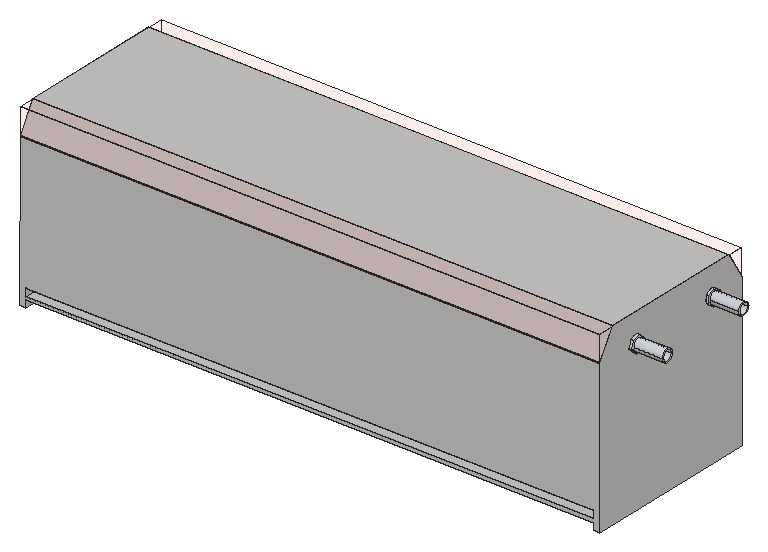
Revit family "Air-Curtain_Climate-Control_PoweredAire_ECE-HW", category Mechanical Equipment, host Face, Revit 2023
Family settings
  Host = Face
  Round Connector Dimension = Use Diameter
  Part Type = Normal
  OmniClass Number = 23.75.35.17.21
  OmniClass Title = Air Curtains
  Cut with Voids When Loaded = No
  Maintain Annotation Orientation = No
  Shared = No
  Room Calculation Point = No
Parameters
  upperrotation [instance] = if(Upper Pipe Connection Side A, 0.00°, 180.00°)  # 0.00°
  lowerrotation [instance] = if(Lower Pipe Connection Side A, 0.00°, 180.00°)  # 0.00°
  locateupperpipe [instance] = if(Upper Pipe Connection Side A, 0' 0", Nozzle Width)  # 0' - 0"
  locatelowerpipe [instance] = if(Lower Pipe Connection Side A, 0' 0", Nozzle Width)  # 0' - 0"
  Upper Pipe Connection Side A [instance] = yes
  Unit Width Notes = "Other Widths available."  # constant formula
  Unit Width = 4' - 1"
  Unit Weight = 0
  Unit Height = 1' - 3"
  Unit Depth [instance] = if(Include Filters, 2' 1 7/8", 1' 11 3/4")  # 1' - 11 3/4"
  Unit  Depth [instance] = 1' - 3"
  URL = "http://www.poweredaire.com/"
  Specification = ""
  Projection from Host [instance] = 0' - 0"
  Product Page URL = "https://www.arcat.com/company/powered-aire-inc-47623"
  Power Rating = 0 W
  Piping_Water Flow [instance] = 0 GPM
  Piping_Operating Pressure [instance] = 0.00 psi
  Piping_Exit Temperature [instance] = 0 °F
  Piping_Entry Temperature [instance] = 0 °F
  Pipe OD [instance] = 5/8"
  Nozzle Width = if(1 = 1, Unit Width - 0' 3", 0' 0")  # 3' - 10"
  Mounting Width = if(1 = 1, Unit Width - 0' 1 1/2", 0' 0")  # 3' - 11 1/2"
  Mounting Height [instance] = 3' - 6"
  Motor RPM = 0
  Motor HP = 0
  Motor Count = 0
  Model = "ECE HW"
  Max Height = 0' - 0"
  Manufacturer = "Powered Aire, Inc"
  Lower Pipe Connection Side A [instance] = yes
  Keynote = "23 34 33"
  Include Filters [instance] = no
  Include Clearance [instance] = yes
  Heating Element Load = 0 W
  HVAC_Temperature Rise [instance] = 0 °F
  HVAC_Outlet Volume [instance] = 0 CFM
  HVAC_Outlet Velocity Uniformity = 0
  HVAC_Outlet Velocity [instance] = 0 FPM
  HVAC_BTU Input = 0.0 Btu/h
  Front Grating Material [instance] = Metal - Steel - PoweredAire - Stainless 304 Perforated
  Frame Finish [instance] = Metal - Steel - PoweredAire - Stainless 304
  Electrical_Wattage [instance] = Power Rating + Heating Element Load  # 0 W
  Electrical_Voltage [instance] = 0 V
  Electrical_Phase [instance] = 1
  Electrical_Frequency [instance] = 0 Hz
  Electrical_Amperage [instance] = 0 A
  Description = ""
  Default Elevation = 0' - 0"  # constant formula
  Copyright = "©Arcat Inc."
  Clearance_Top [instance] = 0' - 0"
  Clearance_Side B [instance] = 0' - 0"
  Clearance_Side A [instance] = 0' - 0"
  Clearance_Intake [instance] = 0' - 0"
  Clearance_Bottom [instance] = 0' - 0"
  Clearance Material [instance] = ARCAT Clearance
  CAD Details = ""
  Assembly Code = "D3090400"
Reference planes (in)
  plane 1 "Center (Elevation)": y = 0.13818
  plane 2: z = 0
  plane 3 "Center (Left/Right)": x = 0
  plane 4: y = 7.63818
  plane 5: y = -7.36182
  plane 6: x = 24.5
  plane 7: z = 15
  plane 8 "FF": y = -41.86182
  plane 9: x = 24.5
  plane 10: x = -24.5
  plane 11: y = 7.63818
  plane 12: y = -7.36182
  plane 13: x = -24.5
  plane 14: y = 6.26318
  plane 15: y = -5.98682
  plane 16: z = 12.75
  plane 17: y = 4.38818
  plane 18: y = -3.67182
  plane 19: z = 0
  plane 20: y = 9.88818
  plane 21: x = 24
  plane 22: x = -24
Forms (in)
  Extrusion 1, solid, material "Metal - Steel - PoweredAire - Stainless 304" <- "Frame Finish"
    sketch origin (0, -0.0191, 0) x (0, 1, 0) y (0, 0, 1)
      loop
        line (-7.34273, 0) -> (7.65727, 0) -> (7.65727, 12.75) -> (6.24408, 15.03125) -> (-5.96773, 15.03125) -> (-7.34273, 12.75) -> (-7.34273, 0)
    from -24.5 to 24.5
  Extrusion 2, solid, material "ARCAT Clearance" <- "Clearance Material", visible <- "Include Clearance"
    sketch origin (0, 0, 0) x (0, 1, 0) y (0, 0, 1)
      loop
        line (-7.36182, 15) -> (-7.36182, 0) -> (7.63818, 0) -> (7.63818, 15) -> (-7.36182, 15)
    from -24.5 to 24.5
  Extrusion 3, solid
    sketch origin (0, 0, 0) x (0, 1, 0) y (0, 0, 1)
      loop
        circle (-3.67182, 12.75) r 0.44922
      loop
        circle (4.38818, 12.75) r 0.44922
      loop
        circle (-3.67182, 12.75) r 0.5
      loop
        circle (4.38818, 12.75) r 0.5
    from 24.5 to 27.25
  Extrusion 4, solid
    sketch origin (0, 0, 0) x (0, 1, 0) y (0, 0, 1)
      loop
        line (-3.19979, 12.27796) -> (-3.02701, 12.92278) -> (-3.49905, 13.39481) -> (-4.14386, 13.22204) -> (-4.31664, 12.57722) -> (-3.8446, 12.10519) -> (-3.19979, 12.27796)
      loop
        line (4.93501, 12.3671) -> (4.99319, 13.03212) -> (4.44636, 13.41502) -> (3.84134, 13.1329) -> (3.78316, 12.46788) -> (4.32999, 12.08498) -> (4.93501, 12.3671)
      loop
        circle (-3.67182, 12.75) r 0.5
      loop
        circle (4.38818, 12.75) r 0.5
    from 24.5 to 24.78
  Extrusion 5, void
    sketch origin (0.25, 0, -1) x (0, 1, 0) y (0, 0, 1)
      loop
        line (-7.36182, 1) -> (-6.36182, 1) -> (-6.36182, 2.5) -> (-7.36182, 2.5) -> (-7.36182, 1.82425) -> (-6.50864, 1.82425) -> (-6.50864, 1.57425) -> (-7.36182, 1.57425) -> (-7.36182, 1)
    from -24.25 to 23.75
  Extrusion 6, solid
    sketch origin (0, 0.13818, 0) x (1, 0, 0) y (0, 0, 1)
      loop
        line (1.90625, 10.0625) -> (-1.90625, 10.0625)
        arc (-1.90625, 10.0625) -> (-1.97254, 10.03504) -> (-2, 9.96875) r 0.09375
        line (-2, 9.96875) -> (-2, 6.15625)
        arc (-2, 6.15625) -> (-1.97254, 6.08996) -> (-1.90625, 6.0625) r 0.09375
        line (-1.90625, 6.0625) -> (1.90625, 6.0625)
        arc (1.90625, 6.0625) -> (1.97254, 6.08996) -> (2, 6.15625) r 0.09375
        line (2, 6.15625) -> (2, 9.96875)
        arc (2, 9.96875) -> (1.97254, 10.03504) -> (1.90625, 10.0625) r 0.09375
    from -9.75 to -7.5
  Extrusion 7, solid, material "Metal - Steel - PoweredAire - Stainless 304 Perforated"
    sketch origin (0, 0, 0) x (0, 1, 0) y (0, 0, 1)
      loop
        line (-5.98682, 15.03125) -> (6.22498, 15.03125) -> (7.63818, 12.75) -> (7.63818, 12.80115) -> (6.24908, 15.07422) -> (-6.01109, 15.07422) -> (-7.36182, 12.83324) -> (-7.36182, 12.75) -> (-5.98682, 15.03125)
    from -24.5 to 24.5
  Extrusion 8, solid
    sketch origin (0, 0, 0) x (0, 1, 0) y (0, 0, 1)
      loop
        circle (-3.67182, 12.75) r 0.53906
      loop
        circle (4.38818, 12.75) r 0.53906
    from 23.98 to 24.5
Cuts and joins
  Extrusion 5 cuts Extrusion 1
  Extrusion 5 cuts Extrusion 2
Lines and regions (in)
  reference lines
    curve 1: line (19.5, 6.26318, 0) -> (24.25, 6.26318, 0)
    curve 2: line (19.5, -5.98682, 0) -> (23.75, -5.98682, 0)
Dimensions and locks (in)
  equal spacing: plane 4, plane 1 "Center (Elevation)", plane 5
  "Unit Height": plane 4 to plane 5
  plane 10 to plane 3 "Center (Left/Right)" to plane 9 = 2' - 0 1/2", 2' - 0 1/2"
  "Mounting Height": plane 1 "Center (Elevation)" to plane 8 "FF"
  "Clearance_Top": plane 11 to plane 4
  "Clearance_Bottom": plane 5 to plane 12
  locked: plane 12 to plane 18 at 3.69
  locked: plane 17 to plane 11 at 3.25
  locked: Extrusion 1 to Extrusion 3 at 2.75
  "Clearance_Side B": plane 9 to plane 6
  "Clearance_Side A": plane 13 to plane 10
  "Unit Width": plane 10 to plane 9
  locked: plane 6 to Extrusion 4 at 0.28
  Extrusion 5 sketch curve to Extrusion 5 sketch curve to Extrusion 5 sketch curve to Extrusion 5 sketch curve = 0' - 0.67575" locked, 0' - 0 1/4" locked, 0' - 0.57425" locked
  locked: Extrusion 5 sketch curve to Extrusion 5 sketch curve at 0.14681
  "Projection from Host": plane 2 to plane 19
  locked: plane 16 to plane 7 at 2.25
  "Unit  Depth": plane 7 to plane 19
  Extrusion 6 to plane 3 "Center (Left/Right)" to Extrusion 6 = 0' - 2" locked, 0' - 2" locked
  locked: Extrusion 6 to Extrusion 6 at 4
  locked: Extrusion 6 to plane 7 at 4.9375
  locked: cut or joined group of Extrusion 2, Extrusion 5 to Extrusion 6 at 2.25
  locked: plane 20 to plane 11 at 2.25
  equal spacing: cut or joined group of Extrusion 2, Extrusion 5, plane 3 "Center (Left/Right)", cut or joined group of Extrusion 2, Extrusion 5
  locked: plane 22 to plane 10 at 0.5
  locked: plane 9 to plane 21 at 0.5
  locked: Extrusion 8 to plane 6 at 0.52
  plane 9 to plane 6 = 0' - 0"
  aligned and locked: plane 2 to host face
  aligned and locked: host face to level
  aligned and locked: plane 12 to Extrusion 2 sketch curve
  aligned and locked: level to Extrusion 2 sketch curve
  aligned and locked: Extrusion 2 sketch curve to plane 11
  aligned and locked: Extrusion 2 to plane 13
  aligned and locked: plane 9 to Extrusion 1
  aligned and locked: Extrusion 1 to plane 10
  aligned and locked: plane 15 to curve 2
  aligned and locked: plane 14 to curve 1
  aligned and locked: plane 6 to Extrusion 2
  aligned and locked: Extrusion 3 to Extrusion 1
  aligned and locked: Extrusion 3 to plane 9
  aligned and locked: plane 9 to Extrusion 3  (x2)
  aligned and locked: plane 10 to Extrusion 1
  aligned and locked: Extrusion 4 to plane 6
  aligned and locked: plane 19 to cut or joined group of Extrusion 1, Extrusion 5
  aligned and locked: Extrusion 1 to Extrusion 5
  aligned and locked: Extrusion 1 to plane 4
  aligned and locked: Extrusion 1 to plane 5
  aligned and locked: cut or joined group of Extrusion 1, Extrusion 5 to plane 11
  aligned and locked: Extrusion 7 sketch curve to plane 5
  aligned and locked: plane 4 to Extrusion 7 sketch curve
  aligned and locked: Extrusion 7 to cut or joined group of Extrusion 1, Extrusion 5  (x2)
  aligned and locked: Extrusion 6 to cut or joined group of Extrusion 1, Extrusion 5
  aligned and locked: cut or joined group of Extrusion 1, Extrusion 5 to Extrusion 6
  aligned and locked: Extrusion 6 to plane 20
  aligned and locked: Extrusion 5 to cut or joined group of Extrusion 2, Extrusion 5  (x2)
  aligned and locked: plane 21 to cut or joined group of Extrusion 2, Extrusion 5
  aligned and locked: cut or joined group of Extrusion 2, Extrusion 5 to plane 22
  aligned and locked: Extrusion 8 to Extrusion 4
Automatic sketch dimensions
  host sketch curve to host sketch curve = 8' - 0"  (x2)
  curve 1 to plane 9 = 0' - 0 1/4"
  curve 1 to curve 1 = 0' - 4 3/4"
  curve 2 to plane 9 = 0' - 5"
  Extrusion 3 sketch curve to Extrusion 3 sketch curve = 0' - 0"  (x4)
  Extrusion 3 sketch curve to plane 16 = 0' - 0"  (x2)
  Extrusion 3 sketch curve to plane 18 = 0' - 0"
  Extrusion 3 sketch curve to plane 17 = 0' - 0"
  Extrusion 4 sketch curve to plane 16 = 0' - 0"  (x2)
  Extrusion 4 sketch curve to plane 18 = 0' - 0"
  Extrusion 4 sketch curve to plane 17 = 0' - 0"
  plane 18 to Extrusion 4 sketch curve = 0' - 0.17278"
  plane 18 to Extrusion 4 sketch curve = 0' - 0.47204"
  Extrusion 4 sketch curve to plane 16 = 0' - 0.17278"
  plane 18 to Extrusion 4 sketch curve = 0' - 0.64481"
  Extrusion 4 sketch curve to plane 18 = 0' - 0.17278"
  Extrusion 4 sketch curve to plane 18 = 0' - 0.47204"
  plane 16 to Extrusion 4 sketch curve = 0' - 0.17278"
  Extrusion 4 sketch curve to plane 18 = 0' - 0.64481"
  Extrusion 4 sketch curve to plane 16 = 0' - 0.28212"
  plane 17 to Extrusion 4 sketch curve = 0' - 0.60502"
  plane 17 to Extrusion 4 sketch curve = 0' - 0.54683"
  plane 17 to Extrusion 4 sketch curve = 0' - 0.05818"
  Extrusion 4 sketch curve to plane 17 = 0' - 0.05818"
  Extrusion 4 sketch curve to plane 17 = 0' - 0.54683"
  plane 16 to Extrusion 4 sketch curve = 0' - 0.28212"
  Extrusion 4 sketch curve to plane 17 = 0' - 0.60502"
  Extrusion 4 sketch curve to plane 16 = 0' - 0.3829"
  Extrusion 4 sketch curve to plane 16 = 0' - 0.47204"
  Extrusion 4 sketch curve to plane 16 = 0' - 0.64481"
  Extrusion 4 sketch curve to plane 16 = 0' - 0.66502"
  plane 16 to Extrusion 4 sketch curve = 0' - 0.3829"
  plane 16 to Extrusion 4 sketch curve = 0' - 0.47204"
  plane 16 to Extrusion 4 sketch curve = 0' - 0.64481"
  plane 16 to Extrusion 4 sketch curve = 0' - 0.66502"
  Extrusion 5 sketch curve to plane 5 = 0' - 0"  (x2)
  plane 15 to Extrusion 5 sketch curve = 0' - 0.52181"
  Extrusion 2 sketch curve to plane 7 = 0' - 0"
  plane 19 to Extrusion 5 sketch curve = 0' - 0"
  Extrusion 6 sketch curve to plane 3 "Center (Left/Right)" = 0' - 2"
  Extrusion 6 sketch curve to Extrusion 6 sketch curve = 0' - 0 3/32"  (x3)
  plane 3 "Center (Left/Right)" to Extrusion 6 sketch curve = 0' - 1 29/32"  (x2)
  level to Extrusion 6 sketch curve = 0' - 6 1/16"
  Extrusion 6 sketch curve to plane 16 = 0' - 2 25/32"
  Extrusion 7 sketch curve to plane 15 = 0' - 0"
  Extrusion 7 sketch curve to plane 16 = 0' - 0"  (x2)
  plane 14 to Extrusion 7 sketch curve = 0' - 0.03819"
  plane 14 to Extrusion 7 sketch curve = 0' - 0.0141"
  Extrusion 7 sketch curve to Extrusion 7 sketch curve = 0' - 0.05115"
  Extrusion 7 sketch curve to Extrusion 7 sketch curve = 0' - 0.08324"
  plane 7 to Extrusion 7 sketch curve = 0' - 0 1/32"
  Extrusion 7 sketch curve to Extrusion 7 sketch curve = 0' - 0 11/256"
  plane 15 to Extrusion 7 sketch curve = 0' - 0.02427"
  Extrusion 1 sketch curve to plane 5 = 0' - 0"
  Extrusion 1 sketch curve to plane 15 = 0' - 0"
  Extrusion 1 sketch curve to level = 0' - 0"
  Extrusion 1 sketch curve to plane 4 = 0' - 0"
  Extrusion 1 sketch curve to plane 16 = 0' - 0"  (x2)
  plane 14 to Extrusion 1 sketch curve = 0' - 0.03819"
  plane 7 to Extrusion 1 sketch curve = 0' - 0 1/32"
  curve 2 to plane 6 = 0' - 0 3/4"
  Extrusion 8 sketch curve to plane 16 = 0' - 0"  (x2)
  Extrusion 8 sketch curve to plane 18 = 0' - 0"
  Extrusion 8 sketch curve to plane 17 = 0' - 0"
  radius of Extrusion 3 sketch curve = 0' - 0 115/256"  (x2)
  radius of Extrusion 3 sketch curve = 0' - 0 1/2"  (x2)
  radius of Extrusion 4 sketch curve = 0' - 0 1/2"  (x2)
  radius of Extrusion 8 sketch curve = 0' - 0 69/128"  (x2)
